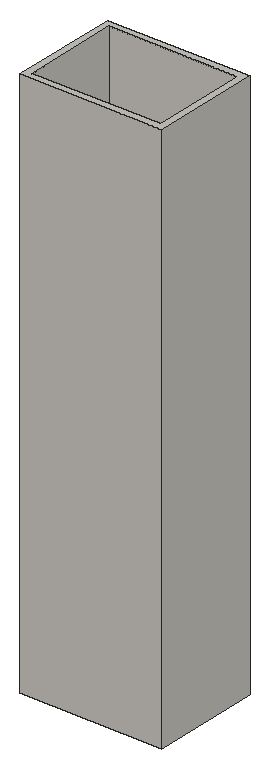
Revit family "Formwork-Plywood-Column", category Site, Revit 2017
Family settings
  Round Connector Dimension = Use Diameter
  Part Type = Normal
  Work Plane-Based = No
  Always vertical = Yes
  Cut with Voids When Loaded = No
  Shared = No
Parameters
  Width [instance] = 400 mm
  Length [instance] = 300 mm
  Height [instance] = 1720 mm
Reference planes
  plane 1 "Center (Front/Back)": y = 0
  plane 2: z = 0
  plane 3 "Center (Left/Right)": x = 0
  plane 4: y = 150
  plane 5: x = -200
  plane 6: y = -150
  plane 7: x = 200
  plane 8 "top": z = 1720
Forms (mm)
  Extrusion 1, solid
    sketch origin (0, 0, 0) x (1, 0, 0) y (0, 1, 0)
      loop
        line (-200, 150) -> (-200, -150) -> (200, -150) -> (200, 150) -> (-200, 150)
      loop
        line (-220, -170) -> (220, -170) -> (220, 170) -> (-220, 170) -> (-220, -170)
    from 0 to 1720 <- "Height"
Dimensions and locks
  equal spacing: plane 4, plane 1 "Center (Front/Back)", plane 6
  equal spacing: plane 5, plane 3 "Center (Left/Right)", plane 7
  "Width": plane 5 to plane 7
  "Length": plane 4 to plane 6
  "Height": level to plane 8 "top"
  aligned and locked: level to plane 2
Automatic sketch dimensions
  Extrusion 1 sketch curve to plane 5 = 0 mm
  Extrusion 1 sketch curve to plane 4 = 0 mm
  Extrusion 1 sketch curve to plane 7 = 0 mm
  Extrusion 1 sketch curve to plane 6 = 0 mm
  Extrusion 1 sketch curve to plane 5 = 20 mm
  plane 7 to Extrusion 1 sketch curve = 20 mm
  Extrusion 1 sketch curve to plane 6 = 20 mm
  plane 4 to Extrusion 1 sketch curve = 20 mm
